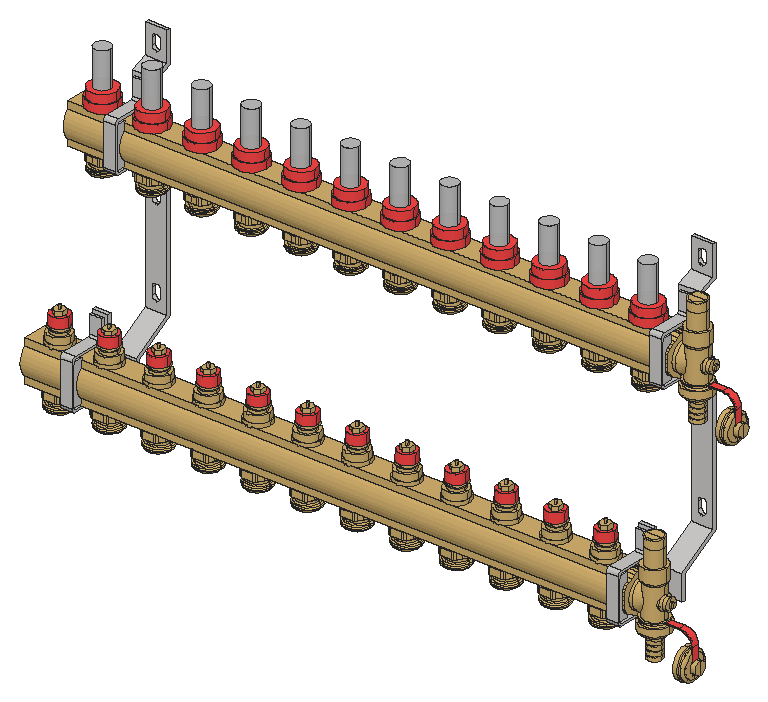
Revit family "Manifold FHF-F_2-12_RFA", category Pipe Accessories, Revit 2019 (continued)
Definition of nested family "_FHF-EA_EM"
  Automatic sketch dimensions
    Extrusion 2 sketch curve to plane 1 "Center (Front/Back)" = 2.669 mm  (x2)
    plane 5 to Extrusion 2 sketch curve = 3.75 mm  (x2)
    Extrusion 2 sketch curve to plane 5 = 2.831 mm  (x2)
    Extrusion 2 sketch curve to plane 5 = 5.5 mm
    Extrusion 2 sketch curve to Extrusion 2 sketch curve = 3.786 mm  (x2)
    Extrusion 2 sketch curve to Extrusion 2 sketch curve = 3.813 mm  (x2)
    Extrusion 2 sketch curve to Extrusion 2 sketch curve = 1.22 mm  (x2)
    Extrusion 2 sketch curve to Extrusion 2 sketch curve = 1.181 mm  (x2)
    Extrusion 2 sketch curve to Extrusion 2 sketch curve = 1.136 mm  (x2)
    Extrusion 2 sketch curve to Extrusion 2 sketch curve = 1.086 mm  (x2)
    Extrusion 2 sketch curve to Extrusion 2 sketch curve = 3.8 mm  (x4)
    Extrusion 2 sketch curve to Extrusion 2 sketch curve = 1.893 mm  (x7)
    Extrusion 2 sketch curve to Extrusion 2 sketch curve = 5.693 mm
    Extrusion 2 sketch curve to Extrusion 2 sketch curve = 1.907 mm  (x3)
    Extrusion 2 sketch curve to Extrusion 2 sketch curve = 0.179 mm  (x2)
    level to Extrusion 2 sketch curve = 3.786 mm  (x2)
    Extrusion 2 sketch curve to Extrusion 2 sketch curve = 3.814 mm  (x2)
    Extrusion 2 sketch curve to Extrusion 2 sketch curve = 2.401 mm  (x2)
    Extrusion 2 sketch curve to Extrusion 2 sketch curve = 2.222 mm  (x2)
    Extrusion 2 sketch curve to Extrusion 2 sketch curve = 0 mm  (x15)
    Extrusion 2 sketch curve to Extrusion 2 sketch curve = 3.279 mm  (x2)
    Extrusion 2 sketch curve to plane 4 = 0.471 mm  (x2)
    plane 5 to Extrusion 2 sketch curve = 0.471 mm  (x2)
    plane 3 "Center (Left/Right)" to Revolve 3 sketch curve = 15.987 mm
    Revolve 3 sketch curve to Revolve 3 sketch curve = 0.47 mm
    Revolve 3 sketch curve to Revolve 3 sketch curve = 1.502 mm
    Revolve 3 sketch curve to Revolve 3 sketch curve = 3.069 mm
    plane 3 "Center (Left/Right)" to Revolve 3 sketch curve = 19.056 mm
    plane 3 "Center (Left/Right)" to Revolve 3 sketch curve = 19.515 mm
    Revolve 3 sketch curve to Revolve 3 sketch curve = 1.472 mm
    Revolve 3 sketch curve to Revolve 3 sketch curve = 3.228 mm
    Revolve 3 sketch curve to Revolve 3 sketch curve = 2.642 mm
    Revolve 3 sketch curve to Revolve 3 sketch curve = 3.019 mm  (x2)
    Revolve 3 sketch curve to Revolve 3 sketch curve = 1.475 mm  (x2)
    Revolve 3 sketch curve to Revolve 3 sketch curve = 1.531 mm
    Revolve 3 sketch curve to Revolve 3 sketch curve = 4.308 mm
    Revolve 3 sketch curve to Revolve 3 sketch curve = 0.252 mm
    Revolve 3 sketch curve to Revolve 3 sketch curve = 0.082 mm
    Revolve 3 sketch curve to Revolve 3 sketch curve = 0.178 mm
    Revolve 3 sketch curve to Revolve 3 sketch curve = 0.105 mm
    Revolve 3 sketch curve to Revolve 3 sketch curve = 0.199 mm
    Revolve 3 sketch curve to Revolve 3 sketch curve = 0.21 mm
    Revolve 3 sketch curve to Revolve 3 sketch curve = 0.313 mm
    Revolve 3 sketch curve to Revolve 3 sketch curve = 1.061 mm
    Revolve 3 sketch curve to Revolve 3 sketch curve = 3.958 mm
    Revolve 3 sketch curve to Revolve 3 sketch curve = 1.08 mm
    Revolve 3 sketch curve to Revolve 3 sketch curve = 3.695 mm
    Revolve 3 sketch curve to Revolve 3 sketch curve = 4.803 mm
    Revolve 3 sketch curve to Revolve 3 sketch curve = 1.52 mm
    Revolve 3 sketch curve to Revolve 3 sketch curve = 1 mm
    level to Revolve 3 sketch curve = 15.773 mm
    Revolve 3 sketch curve to Revolve 3 sketch curve = 17.012 mm
    Revolve 3 sketch curve to Revolve 3 sketch curve = 0.512 mm
    Revolve 3 sketch curve to Revolve 3 sketch curve = 0.919 mm
    Revolve 3 sketch curve to Revolve 3 sketch curve = 5.08 mm
    Revolve 3 sketch curve to Revolve 3 sketch curve = 1.962 mm
    Revolve 3 sketch curve to Revolve 3 sketch curve = 6.25 mm
    Revolve 3 sketch curve to Revolve 3 sketch curve = 0 mm  (x2)
    Revolve 3 sketch curve to Revolve 3 sketch curve = 0.007 mm
    plane 6 to Revolve 4 sketch curve = 0 mm  (x2)
    Revolve 4 sketch curve to plane 6 = 6 mm
    Revolve 4 sketch curve to Revolve 4 sketch curve = 2.522 mm
    Revolve 4 sketch curve to Revolve 4 sketch curve = 2.471 mm
    Revolve 4 sketch curve to Revolve 4 sketch curve = 0.522 mm
    Revolve 4 sketch curve to Revolve 4 sketch curve = 0.143 mm
    Revolve 4 sketch curve to Revolve 4 sketch curve = 6.164 mm
    Revolve 4 sketch curve to Revolve 4 sketch curve = 5.813 mm
    Revolve 4 sketch curve to Revolve 4 sketch curve = 0.001 mm
    Revolve 4 sketch curve to Revolve 4 sketch curve = 10 mm
    Revolve 4 sketch curve to Revolve 4 sketch curve = 0 mm  (x2)
    Sweep 5 sketch curve to plane 6 = 18 mm
    Sweep 5 sketch curve to Sweep 5 sketch curve = 12.968 mm
    Sweep 5 sketch curve to Sweep 5 sketch curve = 17.328 mm
    profile plane to Sweep 5 sketch curve = 1.008 mm
    profile plane to Sweep 5 sketch curve = 0.008 mm
    Sweep 5 sketch curve to Sweep 5 sketch curve = 1.001 mm
    Sweep 5 sketch curve to plane 1 "Center (Front/Back)" = 3.534 mm
    plane 1 "Center (Front/Back)" to Sweep 5 sketch curve = 3.534 mm
    Sweep 5 sketch curve to Sweep 5 sketch curve = 1 mm
    plane 3 "Center (Left/Right)" to Revolve 6 sketch curve = 6.174 mm
    Revolve 6 sketch curve to Revolve 6 sketch curve = 9.151 mm
    Revolve 6 sketch curve to Revolve 6 sketch curve = 0.823 mm
    Revolve 6 sketch curve to Revolve 6 sketch curve = 0 mm  (x2)
    Revolve 6 sketch curve to Revolve 6 sketch curve = 3.908 mm
    Revolve 6 sketch curve to Revolve 6 sketch curve = 0.141 mm
    Revolve 7 sketch curve to level = 0 mm  (x2)
    plane 3 "Center (Left/Right)" to Revolve 7 sketch curve = 19.487 mm
    Revolve 7 sketch curve to Revolve 7 sketch curve = 4.111 mm
    Revolve 7 sketch curve to Revolve 7 sketch curve = 9.817 mm
    Revolve 7 sketch curve to Revolve 7 sketch curve = 11.642 mm
    Revolve 7 sketch curve to Revolve 7 sketch curve = 1.53 mm
    Revolve 7 sketch curve to Revolve 7 sketch curve = 4.1 mm
    Revolve 7 sketch curve to Revolve 7 sketch curve = 2.909 mm
    level to Revolve 7 sketch curve = 2.5 mm
    Revolve 7 sketch curve to Revolve 7 sketch curve = 3.5 mm
    level to Revolve 7 sketch curve = 7.53 mm
    Revolve 7 sketch curve to Revolve 7 sketch curve = 7.132 mm
    Revolve 7 sketch curve to Revolve 7 sketch curve = 0 mm  (x2)
    Revolve 8 sketch curve to level = 0 mm  (x2)
    Revolve 8 sketch curve to plane 3 "Center (Left/Right)" = 0 mm  (x2)
    plane 3 "Center (Left/Right)" to Revolve 8 sketch curve = 1.535 mm
    Revolve 8 sketch curve to Revolve 8 sketch curve = 5.705 mm
    Revolve 8 sketch curve to Revolve 8 sketch curve = 0.736 mm
    Revolve 8 sketch curve to Revolve 8 sketch curve = 2.794 mm
    Revolve 8 sketch curve to Revolve 8 sketch curve = 1.453 mm
    level to Revolve 8 sketch curve = 14.494 mm
    Revolve 8 sketch curve to Revolve 8 sketch curve = 0.523 mm
    Revolve 8 sketch curve to Revolve 8 sketch curve = 2.058 mm  (x2)
    Revolve 8 sketch curve to Revolve 8 sketch curve = 0 mm
    Extrusion 9 sketch curve to level = 0 mm  (x2)
    Extrusion 9 sketch curve to plane 1 "Center (Front/Back)" = 0 mm  (x2)
    plane 1 "Center (Front/Back)" to Extrusion 9 sketch curve = 2.669 mm  (x2)
    Extrusion 9 sketch curve to Extrusion 9 sketch curve = 3.302 mm  (x2)
    Extrusion 9 sketch curve to plane 4 = 3.75 mm  (x2)
    plane 4 to Extrusion 9 sketch curve = 2.831 mm  (x2)
    Extrusion 9 sketch curve to Extrusion 9 sketch curve = 0.782 mm  (x2)
    Extrusion 9 sketch curve to Extrusion 9 sketch curve = 0.707 mm  (x2)
    Extrusion 9 sketch curve to Extrusion 9 sketch curve = 1.489 mm  (x2)
    Extrusion 9 sketch curve to Extrusion 9 sketch curve = 0.63 mm  (x2)
    plane 4 to Extrusion 9 sketch curve = 5.5 mm
    Extrusion 9 sketch curve to plane 1 "Center (Front/Back)" = 2.669 mm  (x2)
    plane 5 to Extrusion 9 sketch curve = 3.75 mm  (x2)
    Extrusion 9 sketch curve to plane 5 = 2.831 mm  (x2)
    Extrusion 9 sketch curve to plane 5 = 5.5 mm
    Extrusion 9 sketch curve to Extrusion 9 sketch curve = 3.786 mm  (x2)
    Extrusion 9 sketch curve to Extrusion 9 sketch curve = 3.813 mm  (x2)
    Extrusion 9 sketch curve to Extrusion 9 sketch curve = 1.22 mm  (x2)
    Extrusion 9 sketch curve to Extrusion 9 sketch curve = 1.181 mm  (x2)
    Extrusion 9 sketch curve to Extrusion 9 sketch curve = 1.136 mm  (x2)
    Extrusion 9 sketch curve to Extrusion 9 sketch curve = 1.086 mm  (x2)
    Extrusion 9 sketch curve to Extrusion 9 sketch curve = 3.8 mm  (x4)
    Extrusion 9 sketch curve to Extrusion 9 sketch curve = 1.893 mm  (x7)
    Extrusion 9 sketch curve to Extrusion 9 sketch curve = 5.693 mm
    Extrusion 9 sketch curve to Extrusion 9 sketch curve = 1.907 mm  (x3)
    Extrusion 9 sketch curve to Extrusion 9 sketch curve = 0.179 mm  (x2)
    level to Extrusion 9 sketch curve = 3.786 mm  (x2)
    Extrusion 9 sketch curve to Extrusion 9 sketch curve = 3.814 mm  (x2)
    Extrusion 9 sketch curve to Extrusion 9 sketch curve = 2.401 mm  (x2)
    Extrusion 9 sketch curve to Extrusion 9 sketch curve = 2.222 mm  (x2)
    Extrusion 9 sketch curve to Extrusion 9 sketch curve = 0 mm  (x15)
    Extrusion 9 sketch curve to Extrusion 9 sketch curve = 3.279 mm  (x2)
    Extrusion 9 sketch curve to plane 4 = 0.471 mm  (x2)
    plane 5 to Extrusion 9 sketch curve = 0.471 mm  (x2)
    plane 6 to Revolve 10 sketch curve = 0 mm  (x2)
    Revolve 10 sketch curve to plane 6 = 6 mm
    Revolve 10 sketch curve to Revolve 10 sketch curve = 2.522 mm
    Revolve 10 sketch curve to Revolve 10 sketch curve = 2.471 mm
    Revolve 10 sketch curve to Revolve 10 sketch curve = 0.522 mm
    Revolve 10 sketch curve to Revolve 10 sketch curve = 0.143 mm
    Revolve 10 sketch curve to Revolve 10 sketch curve = 10 mm
    Revolve 10 sketch curve to Revolve 10 sketch curve = 6.164 mm
    Revolve 10 sketch curve to Revolve 10 sketch curve = 5.813 mm
    Revolve 10 sketch curve to Revolve 10 sketch curve = 0.001 mm
    Revolve 10 sketch curve to Revolve 10 sketch curve = 0 mm  (x2)
    Revolve 11 sketch curve to level = 0 mm  (x2)
    plane 3 "Center (Left/Right)" to Revolve 11 sketch curve = 19.487 mm
    Revolve 11 sketch curve to Revolve 11 sketch curve = 4.111 mm
    Revolve 11 sketch curve to Revolve 11 sketch curve = 9.817 mm
    Revolve 11 sketch curve to Revolve 11 sketch curve = 11.642 mm
    Revolve 11 sketch curve to Revolve 11 sketch curve = 1.53 mm
    Revolve 11 sketch curve to Revolve 11 sketch curve = 4.1 mm
    Revolve 11 sketch curve to Revolve 11 sketch curve = 2.909 mm
    level to Revolve 11 sketch curve = 2.5 mm
    Revolve 11 sketch curve to Revolve 11 sketch curve = 3.5 mm
    level to Revolve 11 sketch curve = 7.53 mm
    Revolve 11 sketch curve to Revolve 11 sketch curve = 7.132 mm
    Revolve 11 sketch curve to Revolve 11 sketch curve = 0 mm  (x2)
    Revolve 12 sketch curve to level = 0 mm  (x2)
    Revolve 12 sketch curve to plane 3 "Center (Left/Right)" = 0 mm  (x2)
    level to Revolve 12 sketch curve = 1.109 mm
    plane 3 "Center (Left/Right)" to Revolve 12 sketch curve = 19.166 mm
    Revolve 12 sketch curve to Revolve 12 sketch curve = 0.32 mm
    Revolve 12 sketch curve to Revolve 12 sketch curve = 14.874 mm
    Revolve 12 sketch curve to Revolve 12 sketch curve = 0 mm
    plane 3 "Center (Left/Right)" to Revolve 13 sketch curve = 18.583 mm
    plane 3 "Center (Left/Right)" to Revolve 13 sketch curve = 19.532 mm
    Revolve 13 sketch curve to Revolve 13 sketch curve = 3.814 mm
    Revolve 13 sketch curve to Revolve 13 sketch curve = 7.283 mm
    Revolve 13 sketch curve to Revolve 13 sketch curve = 7.643 mm
    Revolve 13 sketch curve to Revolve 13 sketch curve = 10 mm
    level to Revolve 13 sketch curve = 29.7 mm
    Revolve 13 sketch curve to Revolve 13 sketch curve = 1.522 mm
    Revolve 13 sketch curve to Revolve 13 sketch curve = 0 mm  (x3)
    plane 6 to Revolve 14 sketch curve = 0 mm  (x2)
    Revolve 14 sketch curve to plane 6 = 6.04 mm
    Revolve 14 sketch curve to Revolve 14 sketch curve = 9.96 mm
    Revolve 14 sketch curve to Revolve 14 sketch curve = 8.745 mm
    Revolve 14 sketch curve to Revolve 14 sketch curve = 0 mm  (x2)
    Sweep 16 sketch curve to plane 6 = 18 mm
    Sweep 16 sketch curve to plane 6 = 5.032 mm
    Sweep 16 sketch curve to Sweep 16 sketch curve = 17.328 mm
    profile plane to Sweep 16 sketch curve = 1.008 mm  (x2)
    profile plane to Sweep 16 sketch curve = 0.008 mm
    profile plane to Sweep 16 sketch curve = 0.007 mm
    Sweep 16 sketch curve to plane 1 "Center (Front/Back)" = 3.534 mm
    plane 1 "Center (Front/Back)" to Sweep 16 sketch curve = 3.534 mm
    Revolve 17 sketch curve to level = 0 mm  (x2)
    Revolve 17 sketch curve to plane 3 "Center (Left/Right)" = 0 mm  (x2)
    level to Revolve 17 sketch curve = 1.109 mm
    plane 3 "Center (Left/Right)" to Revolve 17 sketch curve = 19.166 mm
    Revolve 17 sketch curve to Revolve 17 sketch curve = 0.32 mm
    Revolve 17 sketch curve to Revolve 17 sketch curve = 14.874 mm
    Revolve 17 sketch curve to Revolve 17 sketch curve = 0 mm
    plane 3 "Center (Left/Right)" to Revolve 18 sketch curve = 18.583 mm
    plane 3 "Center (Left/Right)" to Revolve 18 sketch curve = 19.532 mm
    Revolve 18 sketch curve to Revolve 18 sketch curve = 3.814 mm
    Revolve 18 sketch curve to Revolve 18 sketch curve = 7.283 mm
    Revolve 18 sketch curve to Revolve 18 sketch curve = 7.643 mm
    Revolve 18 sketch curve to Revolve 18 sketch curve = 10 mm
    level to Revolve 18 sketch curve = 29.7 mm
    Revolve 18 sketch curve to Revolve 18 sketch curve = 1.522 mm
    Revolve 18 sketch curve to Revolve 18 sketch curve = 0 mm  (x3)
    plane 6 to Revolve 19 sketch curve = 0 mm  (x2)
    Revolve 19 sketch curve to plane 6 = 6.04 mm
    Revolve 19 sketch curve to Revolve 19 sketch curve = 9.96 mm
    Revolve 19 sketch curve to Revolve 19 sketch curve = 6.255 mm
    Revolve 19 sketch curve to Revolve 19 sketch curve = 8.745 mm
    Revolve 19 sketch curve to Revolve 19 sketch curve = 0 mm  (x2)
    plane 3 "Center (Left/Right)" to Revolve 20 sketch curve = 19.532 mm
    Revolve 20 sketch curve to Revolve 20 sketch curve = 2.865 mm
    Revolve 20 sketch curve to Revolve 20 sketch curve = 7.283 mm
    Revolve 20 sketch curve to Revolve 20 sketch curve = 7.643 mm
    Revolve 20 sketch curve to Revolve 20 sketch curve = 10 mm
    Revolve 20 sketch curve to Revolve 20 sketch curve = 0 mm  (x3)
    Revolve 3 sketch curve to Revolve 3 sketch curve = 1.5 mm  (x2)
    level to Revolve 6 sketch curve = 69.25 mm
    Revolve 6 sketch curve to Revolve 6 sketch curve = 4.604 mm
    Revolve 6 sketch curve to Revolve 6 sketch curve = 1.346 mm
    Revolve 6 sketch curve to Revolve 6 sketch curve = 0.561 mm
    Revolve 13 sketch curve to Revolve 13 sketch curve = 44.478 mm
    Revolve 18 sketch curve to Revolve 18 sketch curve = 44.478 mm
    level to Revolve 20 sketch curve = 57.24 mm
    Revolve 3 sketch curve to level = 16.3 mm
    Revolve 3 sketch curve to Revolve 3 sketch curve = 1.025 mm
    Revolve 3 sketch curve to Revolve 3 sketch curve = 3.967 mm
    Revolve 3 sketch curve to Revolve 3 sketch curve = 0.908 mm
    Revolve 3 sketch curve to Revolve 3 sketch curve = 3.615 mm
    Revolve 3 sketch curve to Revolve 3 sketch curve = 0.45 mm
    Revolve 4 sketch curve to level = 47.3 mm
    Sweep 5 sketch curve to level = 29.268 mm
    Sweep 5 sketch curve to Sweep 5 sketch curve = 25 mm
    Revolve 10 sketch curve to level = 47.3 mm
    Revolve 13 sketch curve to level = 20.3 mm
    Revolve 13 sketch curve to Revolve 13 sketch curve = 23.5 mm
    Revolve 14 sketch curve to level = 47.3 mm
    Revolve 14 sketch curve to Revolve 14 sketch curve = 6.255 mm
    Sweep 16 sketch curve to level = 29.268 mm
    Sweep 16 sketch curve to Sweep 16 sketch curve = 25 mm
    Revolve 18 sketch curve to level = 20.3 mm
    Revolve 18 sketch curve to Revolve 18 sketch curve = 23.5 mm
    Revolve 19 sketch curve to level = 47.3 mm
    Revolve 20 sketch curve to level = 20.3 mm
    Revolve 20 sketch curve to Revolve 20 sketch curve = 23.5 mm
    Revolve 3 sketch curve to plane 8 = 0 mm
    Revolve 3 sketch curve to Revolve 3 sketch curve = 2.187 mm
    Revolve 3 sketch curve to Revolve 3 sketch curve = 13.266 mm
    Revolve 3 sketch curve to plane 7 = 0 mm
    Revolve 15 sketch curve to plane 7 = 0 mm  (x2)
    plane 3 "Center (Left/Right)" to Revolve 15 sketch curve = 19.515 mm
    Revolve 15 sketch curve to Revolve 15 sketch curve = 1.472 mm
    plane 3 "Center (Left/Right)" to Revolve 15 sketch curve = 22.284 mm
    Revolve 15 sketch curve to Revolve 15 sketch curve = 2.642 mm
    Revolve 15 sketch curve to Revolve 15 sketch curve = 3.019 mm  (x2)
    Revolve 15 sketch curve to Revolve 15 sketch curve = 2.645 mm
    Revolve 15 sketch curve to Revolve 15 sketch curve = 1.531 mm
    Revolve 15 sketch curve to Revolve 15 sketch curve = 3.229 mm
    Revolve 15 sketch curve to Revolve 15 sketch curve = 0.8 mm
    Revolve 15 sketch curve to Revolve 15 sketch curve = 4.308 mm
    Revolve 15 sketch curve to Revolve 15 sketch curve = 0.252 mm
    plane 7 to Revolve 15 sketch curve = 0.45 mm
    Revolve 15 sketch curve to Revolve 15 sketch curve = 0.082 mm
    Revolve 15 sketch curve to Revolve 15 sketch curve = 0.178 mm
    plane 7 to Revolve 15 sketch curve = 8.94 mm
    Revolve 15 sketch curve to Revolve 15 sketch curve = 0.105 mm
    plane 7 to Revolve 15 sketch curve = 9.965 mm
    Revolve 15 sketch curve to Revolve 15 sketch curve = 0.199 mm
    Revolve 15 sketch curve to Revolve 15 sketch curve = 0.21 mm
    plane 7 to Revolve 15 sketch curve = 4.973 mm
    Revolve 15 sketch curve to Revolve 15 sketch curve = 0.313 mm
    Revolve 15 sketch curve to Revolve 15 sketch curve = 1.061 mm
    Revolve 15 sketch curve to Revolve 15 sketch curve = 6.25 mm
    Revolve 15 sketch curve to Revolve 15 sketch curve = 0.908 mm
    Revolve 15 sketch curve to Revolve 15 sketch curve = 3.958 mm
    Revolve 15 sketch curve to Revolve 15 sketch curve = 1.08 mm
    Revolve 15 sketch curve to Revolve 15 sketch curve = 3.695 mm
    Revolve 15 sketch curve to Revolve 15 sketch curve = 4.803 mm
    Revolve 15 sketch curve to Revolve 15 sketch curve = 1.475 mm
    Revolve 15 sketch curve to Revolve 15 sketch curve = 1.52 mm
    Revolve 15 sketch curve to Revolve 15 sketch curve = 1 mm
    level to Revolve 15 sketch curve = 15.773 mm
    Revolve 15 sketch curve to plane 8 = 19.26 mm
    Revolve 15 sketch curve to Revolve 15 sketch curve = 0 mm  (x2)
    Revolve 15 sketch curve to Revolve 15 sketch curve = 8.24 mm
    Revolve 15 sketch curve to Revolve 15 sketch curve = 2.187 mm
    Revolve 15 sketch curve to Revolve 15 sketch curve = 13.266 mm
    Revolve 15 sketch curve to Revolve 15 sketch curve = 6.986 mm
Definition of nested family "_FHF-MB_RFA"
  Parameters (values of type "FHF-MB_088U0585")
    W = 85.5 mm
    Valve Body Material = none
    Model Type = "FHF-MB_Mounting brackets set"
    Model = "088U0585"
    Manufacturer = "Danfoss"  # constant formula
    LOD 350 [instance] = not(LOD 200)  # yes
    LOD 200 [instance] = no
    L [instance] = 550 mm
    IfcExportType = "FHF-MB"  # constant formula
    IfcExportAs = "IfcValveType"  # constant formula
    H = 342 mm
    Description = "Accessories for Manifolds"
  Reference planes
    plane 1 "Center (Front/Back)": y = 0
    plane 2: z = 0
    plane 3 "s": x = 0
    plane 4: x = 578.737
    plane 5: x = 14.697
    plane 6: x = 2.697
    plane 7: x = 673.959
    plane 8: x = 552.697
    plane 9: x = 547.947
    plane 10: x = 569.447
    plane 11: x = -22.303
    plane 12: x = -10.303
    plane 13: x = 539.697
    plane 14: x = 527.697
    plane 15: y = 1.109
    plane 16: y = -2.391
    plane 17: z = -257.811
    plane 18: z = 84.189
    plane 19: y = 40.109
    plane 20: y = -45.391
    plane 21 "Center (Left/Right)": x = 8.697
    plane 22 "right": x = 558.697
    plane 23: x = 564.697
  Forms (mm)
    Extrusion 1, solid, material <- "Valve Body Material"
      sketch origin (0, 0, 0) x (0, 1, 0) y (0, 0, 1)
        loop
          line (16.609, 28.189) -> (16.609, 46.189) -> (14.609, 46.189) -> (14.609, 28.189)
          arc (14.609, 28.189) -> (14.023, 26.775) -> (12.609, 26.189) r 2
          line (12.609, 26.189) -> (-18.391, 26.189)
          arc (-18.391, 26.189) -> (-21.219, 25.017) -> (-22.391, 22.189) r 4
          line (-22.391, 22.189) -> (-22.391, -19.811)
          arc (-22.391, -19.811) -> (-21.219, -22.639) -> (-18.391, -23.811) r 4
          line (-18.391, -23.811) -> (12.609, -23.811)
          arc (12.609, -23.811) -> (14.023, -24.397) -> (14.609, -25.811) r 2
          line (14.609, -25.811) -> (14.609, -43.811) -> (16.609, -43.811) -> (16.609, -25.811)
          arc (16.609, -25.811) -> (15.438, -22.983) -> (12.609, -21.811) r 4
          line (12.609, -21.811) -> (-18.391, -21.811)
          arc (-18.391, -21.811) -> (-19.992, -21.042) -> (-20.391, -19.311) r 2.05
          line (-20.391, -19.311) -> (-20.391, 21.689)
          arc (-20.391, 21.689) -> (-19.992, 23.42) -> (-18.391, 24.189) r 2.05
          line (-18.391, 24.189) -> (12.609, 24.189)
          arc (12.609, 24.189) -> (15.438, 25.361) -> (16.609, 28.189) r 4
      from 2.697 to 14.697
    Extrusion 2, solid, material <- "Valve Body Material"
      sketch origin (0, 0, 0) x (0, 1, 0) y (0, 0, 1)
        loop
          line (36.609, 84.189) -> (36.609, 54.013) -> (20.609, 48.189) -> (20.609, -45.811) -> (36.609, -51.634) -> (36.609, -173.334) -> (-2.391, -195.851) -> (-2.391, -221.811) -> (1.109, -221.811) -> (1.109, -197.872) -> (40.109, -175.355) -> (40.109, -49.184) -> (24.109, -43.36) -> (24.109, 45.738) -> (40.109, 51.562) -> (40.109, 84.189) -> (36.609, 84.189)
      from -2.053 to 19.447
    Extrusion 3, solid, material <- "Valve Body Material"
      sketch origin (0, 0, 0) x (0, 1, 0) y (0, 0, 1)
        loop
          line (-6.391, -184.811) -> (-6.391, -166.811) -> (-8.391, -166.811) -> (-8.391, -184.811)
          arc (-8.391, -184.811) -> (-8.977, -186.225) -> (-10.391, -186.811) r 2
          line (-10.391, -186.811) -> (-41.391, -186.811)
          arc (-41.391, -186.811) -> (-44.219, -187.983) -> (-45.391, -190.811) r 4
          line (-45.391, -190.811) -> (-45.391, -232.811)
          arc (-45.391, -232.811) -> (-44.219, -235.639) -> (-41.391, -236.811) r 4
          line (-41.391, -236.811) -> (-10.391, -236.811)
          arc (-10.391, -236.811) -> (-8.977, -237.397) -> (-8.391, -238.811) r 2
          line (-8.391, -238.811) -> (-8.391, -256.811) -> (-6.391, -256.811) -> (-6.391, -238.811)
          arc (-6.391, -238.811) -> (-7.562, -235.983) -> (-10.391, -234.811) r 4
          line (-10.391, -234.811) -> (-41.391, -234.811)
          arc (-41.391, -234.811) -> (-42.992, -234.042) -> (-43.391, -232.311) r 2.05
          line (-43.391, -232.311) -> (-43.391, -191.311)
          arc (-43.391, -191.311) -> (-42.992, -189.58) -> (-41.391, -188.811) r 2.05
          line (-41.391, -188.811) -> (-10.391, -188.811)
          arc (-10.391, -188.811) -> (-7.562, -187.639) -> (-6.391, -184.811) r 4
      from -22.303 to -10.303
    Extrusion 4, solid, material <- "Valve Body Material"
      sketch origin (0, 0, 0) x (1, 0, 0) y (0, 0, 1)
        loop
          line (-2.053, -201.811) -> (-9.553, -201.811) -> (-9.553, -165.811) -> (-24.553, -165.811) -> (-24.553, -257.811) -> (-8.553, -257.811) -> (-8.553, -221.811) -> (-2.053, -221.811) -> (-2.053, -201.811)
      from -1.109 to 2.391
    Extrusion 5, solid, material <- "Valve Body Material", visible <- "LOD 350"
      sketch origin (0, 0, 0) x (0, 1, 0) y (0, 0, 1)
        loop
          line (-2.391, -191.311) -> (-11.391, -191.311) -> (-11.391, -198.283)
          arc (-11.391, -198.283) -> (-5.61, -211.811) -> (-11.391, -225.339) r 18.718
          line (-11.391, -225.339) -> (-11.391, -232.311) -> (-2.391, -232.311) -> (-2.391, -191.311)
        loop
          line (-34.391, -191.311) -> (-43.391, -191.311) -> (-43.391, -232.311) -> (-34.391, -232.311) -> (-34.391, -225.339)
          arc (-34.391, -225.339) -> (-40.327, -211.811) -> (-34.391, -198.283) r 18.382
          line (-34.391, -198.283) -> (-34.391, -191.311)
      from -22.303 to -10.303
    Extrusion 6, solid, material <- "Valve Body Material", visible <- "LOD 350"
      sketch origin (0, 0, 0) x (0, 1, 0) y (0, 0, 1)
        loop
          line (20.609, 21.689) -> (11.609, 21.689) -> (11.609, 14.717)
          arc (11.609, 14.717) -> (17.39, 1.189) -> (11.609, -12.339) r 18.718
          line (11.609, -12.339) -> (11.609, -19.311) -> (20.609, -19.311) -> (20.609, 21.689)
        loop
          line (-11.391, 21.689) -> (-20.391, 21.689) -> (-20.391, -19.311) -> (-11.391, -19.311) -> (-11.391, -12.339)
          arc (-11.391, -12.339) -> (-17.327, 1.189) -> (-11.391, 14.717) r 18.382
          line (-11.391, 14.717) -> (-11.391, 21.689)
      from 2.697 to 14.697
    Extrusion 7, solid, material <- "Valve Body Material"
      sketch origin (0, 0, 0) x (0, 1, 0) y (0, 0, 1)
        loop
          line (16.609, 28.189) -> (16.609, 46.189) -> (14.609, 46.189) -> (14.609, 28.189)
          arc (14.609, 28.189) -> (14.023, 26.775) -> (12.609, 26.189) r 2
          line (12.609, 26.189) -> (-18.391, 26.189)
          arc (-18.391, 26.189) -> (-21.219, 25.017) -> (-22.391, 22.189) r 4
          line (-22.391, 22.189) -> (-22.391, -19.811)
          arc (-22.391, -19.811) -> (-21.219, -22.639) -> (-18.391, -23.811) r 4
          line (-18.391, -23.811) -> (12.609, -23.811)
          arc (12.609, -23.811) -> (14.023, -24.397) -> (14.609, -25.811) r 2
          line (14.609, -25.811) -> (14.609, -43.811) -> (16.609, -43.811) -> (16.609, -25.811)
          arc (16.609, -25.811) -> (15.438, -22.983) -> (12.609, -21.811) r 4
          line (12.609, -21.811) -> (-18.391, -21.811)
          arc (-18.391, -21.811) -> (-19.992, -21.042) -> (-20.391, -19.311) r 2.05
          line (-20.391, -19.311) -> (-20.391, 21.689)
          arc (-20.391, 21.689) -> (-19.992, 23.42) -> (-18.391, 24.189) r 2.05
          line (-18.391, 24.189) -> (12.609, 24.189)
          arc (12.609, 24.189) -> (15.438, 25.361) -> (16.609, 28.189) r 4
      from 552.697 to 564.697
    Extrusion 8, solid, material <- "Valve Body Material"
      sketch origin (0, 0, 0) x (0, 1, 0) y (0, 0, 1)
        loop
          line (36.609, 84.189) -> (36.609, 54.013) -> (20.609, 48.189) -> (20.609, -45.811) -> (36.609, -51.634) -> (36.609, -173.334) -> (-2.391, -195.851) -> (-2.391, -221.811) -> (1.109, -221.811) -> (1.109, -197.872) -> (40.109, -175.355) -> (40.109, -49.184) -> (24.109, -43.36) -> (24.109, 45.738) -> (40.109, 51.562) -> (40.109, 84.189) -> (36.609, 84.189)
      from 547.947 to 569.447
    Extrusion 9, solid, material <- "Valve Body Material", visible <- "LOD 350"
      sketch origin (0, 0, 0) x (0, 1, 0) y (0, 0, 1)
        loop
          line (20.609, 21.689) -> (11.609, 21.689) -> (11.609, 14.717)
          arc (11.609, 14.717) -> (17.39, 1.189) -> (11.609, -12.339) r 18.718
          line (11.609, -12.339) -> (11.609, -19.311) -> (20.609, -19.311) -> (20.609, 21.689)
        loop
          line (-11.391, 21.689) -> (-20.391, 21.689) -> (-20.391, -19.311) -> (-11.391, -19.311) -> (-11.391, -12.339)
          arc (-11.391, -12.339) -> (-17.327, 1.189) -> (-11.391, 14.717) r 18.382
          line (-11.391, 14.717) -> (-11.391, 21.689)
      from 564.697 to 552.697
    Extrusion 10, solid, material <- "Valve Body Material", visible <- "LOD 350"
      sketch origin (0, 0, 0) x (0, 1, 0) y (0, 0, 1)
        loop
          line (-2.391, -191.311) -> (-11.391, -191.311) -> (-11.391, -198.283)
          arc (-11.391, -198.283) -> (-5.61, -211.811) -> (-11.391, -225.339) r 18.718
          line (-11.391, -225.339) -> (-11.391, -232.311) -> (-2.391, -232.311) -> (-2.391, -191.311)
        loop
          line (-34.391, -191.311) -> (-43.391, -191.311) -> (-43.391, -232.311) -> (-34.391, -232.311) -> (-34.391, -225.339)
          arc (-34.391, -225.339) -> (-40.327, -211.811) -> (-34.391, -198.283) r 18.382
          line (-34.391, -198.283) -> (-34.391, -191.311)
      from 527.697 to 539.697
    Extrusion 11, solid, material <- "Valve Body Material"
      sketch origin (0, 0, 0) x (0, 1, 0) y (0, 0, 1)
        loop
          line (-6.391, -184.811) -> (-6.391, -166.811) -> (-8.391, -166.811) -> (-8.391, -184.811)
          arc (-8.391, -184.811) -> (-8.977, -186.225) -> (-10.391, -186.811) r 2
          line (-10.391, -186.811) -> (-41.391, -186.811)
          arc (-41.391, -186.811) -> (-44.219, -187.983) -> (-45.391, -190.811) r 4
          line (-45.391, -190.811) -> (-45.391, -232.811)
          arc (-45.391, -232.811) -> (-44.219, -235.639) -> (-41.391, -236.811) r 4
          line (-41.391, -236.811) -> (-10.391, -236.811)
          arc (-10.391, -236.811) -> (-8.977, -237.397) -> (-8.391, -238.811) r 2
          line (-8.391, -238.811) -> (-8.391, -256.811) -> (-6.391, -256.811) -> (-6.391, -238.811)
          arc (-6.391, -238.811) -> (-7.562, -235.983) -> (-10.391, -234.811) r 4
          line (-10.391, -234.811) -> (-41.391, -234.811)
          arc (-41.391, -234.811) -> (-42.992, -234.042) -> (-43.391, -232.311) r 2.05
          line (-43.391, -232.311) -> (-43.391, -191.311)
          arc (-43.391, -191.311) -> (-42.992, -189.58) -> (-41.391, -188.811) r 2.05
          line (-41.391, -188.811) -> (-10.391, -188.811)
          arc (-10.391, -188.811) -> (-7.562, -187.639) -> (-6.391, -184.811) r 4
      from 527.697 to 539.697
    Sweep 12, solid, material <- "Valve Body Material"
      path origin (0, 0, -213) x (0, -1, 0) y (1, 0, 0)
        loop
          line (-1.109, 578.737) -> (2.391, 578.737)
      profile origin (578.737, -0.641, -213) x (1, 0, 0) y (0, 0, 1)
        loop
          line (-38.291, 11.189) -> (-38.291, 47.189) -> (-53.291, 47.189) -> (-53.291, -44.811) -> (-37.291, -44.811) -> (-37.291, -8.811) -> (-30.791, -8.811) -> (-30.791, 11.189) -> (-38.291, 11.189)
    Extrusion 13, void
      sketch origin (0, 0, 0) x (1, 0, 0) y (0, 0, 1)
        loop
          line (4.447, 72.939) -> (4.447, 65.439)
          arc (4.447, 65.439) -> (8.697, 61.189) -> (12.947, 65.439) r 4.25
          line (12.947, 65.439) -> (12.947, 72.939)
          arc (12.947, 72.939) -> (8.697, 77.189) -> (4.447, 72.939) r 4.25
        loop
          line (4.447, -64.884) -> (4.447, -72.384)
          arc (4.447, -72.384) -> (8.697, -76.634) -> (12.947, -72.384) r 4.25
          line (12.947, -72.384) -> (12.947, -64.884)
          arc (12.947, -64.884) -> (8.697, -60.634) -> (4.447, -64.884) r 4.25
        loop
          line (4.447, -152.584) -> (4.447, -160.084)
          arc (4.447, -160.084) -> (8.697, -164.334) -> (12.947, -160.084) r 4.25
          line (12.947, -160.084) -> (12.947, -152.584)
          arc (12.947, -152.584) -> (8.697, -148.334) -> (4.447, -152.584) r 4.25
      from -68.107 to 34.391
    Sweep 14, void
      path origin (0, 0, -213) x (0, -1, 0) y (1, 0, 0)
        loop
          line (-46.109, 578.737) -> (63.891, 578.737)
      profile origin (578.737, -8.891, -213) x (1, 0, 0) y (0, 0, 1)
        loop
          line (-15.791, 278.439) -> (-15.791, 285.939)
          arc (-15.791, 285.939) -> (-20.041, 290.189) -> (-24.291, 285.939) r 4.25
          line (-24.291, 285.939) -> (-24.291, 278.439)
          arc (-24.291, 278.439) -> (-20.041, 274.189) -> (-15.791, 278.439) r 4.25
        loop
          line (-15.791, 140.616) -> (-15.791, 148.116)
          arc (-15.791, 148.116) -> (-20.041, 152.366) -> (-24.291, 148.116) r 4.25
          line (-24.291, 148.116) -> (-24.291, 140.616)
          arc (-24.291, 140.616) -> (-20.041, 136.366) -> (-15.791, 140.616) r 4.25
        loop
          line (-15.791, 52.916) -> (-15.791, 60.416)
          arc (-15.791, 60.416) -> (-20.041, 64.666) -> (-24.291, 60.416) r 4.25
          line (-24.291, 60.416) -> (-24.291, 52.916)
          arc (-24.291, 52.916) -> (-20.041, 48.666) -> (-15.791, 52.916) r 4.25
  Cuts and joins
    Extrusion 13 cuts Extrusion 2
    joined: Extrusion 2, Extrusion 4
    Sweep 14 cuts Extrusion 8
    Sweep 14 cuts Sweep 12
    joined: Extrusion 8, Sweep 12
  Dimensions and locks
    plane 4 to plane 10 to plane 22 "right" to plane 8 to plane 9 = 9.291 mm locked, 10.75 mm locked, 6 mm locked, 4.75 mm locked
    plane 4 to plane 13 to plane 14 = 39.041 mm locked, 12 mm locked
    plane 16 to plane 1 "Center (Front/Back)" to plane 15 = 2.391 mm locked, 1.109 mm locked
    "H": plane 18 to plane 17
    "W": plane 20 to plane 19
    "L": plane 21 "Center (Left/Right)" to plane 22 "right"
    locked: plane 8 to plane 23 at 12
    aligned and locked: level to plane 2
    aligned and locked: Extrusion 1 to plane 5
    aligned and locked: plane 6 to Extrusion 1
    aligned and locked: Extrusion 6 to plane 5
    aligned and locked: plane 6 to Extrusion 6
    aligned and locked: plane 8 to Extrusion 7
    aligned and locked: Extrusion 8 to plane 10
    aligned and locked: plane 9 to Extrusion 8
    aligned and locked: Extrusion 10 to plane 14
    aligned and locked: plane 13 to Extrusion 10
    aligned and locked: Extrusion 11 to plane 14
    aligned and locked: plane 13 to Extrusion 11
    aligned and locked: Extrusion 7 to plane 23
    aligned and locked: Extrusion 9 to plane 23
    aligned and locked: plane 8 to Extrusion 9
  Automatic sketch dimensions
    Extrusion 1 sketch curve to Extrusion 1 sketch curve = 0 mm  (x7)
    plane 1 "Center (Front/Back)" to Extrusion 1 sketch curve = 22.391 mm
    Extrusion 1 sketch curve to Extrusion 1 sketch curve = 2 mm  (x7)
    Extrusion 1 sketch curve to plane 1 "Center (Front/Back)" = 12.609 mm  (x2)
    Extrusion 1 sketch curve to Extrusion 1 sketch curve = 18 mm  (x2)
    Extrusion 1 sketch curve to Extrusion 1 sketch curve = 0.05 mm
    level to Extrusion 1 sketch curve = 21.689 mm
    Extrusion 1 sketch curve to Extrusion 1 sketch curve = 0.45 mm
    plane 1 "Center (Front/Back)" to Extrusion 2 sketch curve = 2.391 mm
    Extrusion 2 sketch curve to plane 1 "Center (Front/Back)" = 1.109 mm
    Extrusion 2 sketch curve to plane 1 "Center (Front/Back)" = 20.609 mm
    Extrusion 2 sketch curve to Extrusion 2 sketch curve = 3.5 mm  (x3)
    Extrusion 2 sketch curve to Extrusion 2 sketch curve = 12.5 mm
    Extrusion 2 sketch curve to plane 1 "Center (Front/Back)" = 36.609 mm
    Extrusion 2 sketch curve to Extrusion 2 sketch curve = 2.021 mm  (x2)
    Extrusion 2 sketch curve to Extrusion 2 sketch curve = 2.451 mm  (x4)
    level to Extrusion 2 sketch curve = 45.738 mm
    Extrusion 2 sketch curve to Extrusion 2 sketch curve = 5.824 mm  (x2)
    Extrusion 2 sketch curve to Extrusion 2 sketch curve = 30.176 mm
    Extrusion 3 sketch curve to Extrusion 3 sketch curve = 0 mm  (x7)
    plane 1 "Center (Front/Back)" to Extrusion 3 sketch curve = 45.391 mm
    Extrusion 3 sketch curve to Extrusion 3 sketch curve = 2 mm  (x7)
    plane 1 "Center (Front/Back)" to Extrusion 3 sketch curve = 10.391 mm  (x2)
    Extrusion 3 sketch curve to Extrusion 3 sketch curve = 18 mm  (x2)
    Extrusion 3 sketch curve to Extrusion 3 sketch curve = 0.05 mm
    Extrusion 3 sketch curve to level = 191.311 mm
    Extrusion 3 sketch curve to Extrusion 3 sketch curve = 0.45 mm
    plane 11 to Extrusion 4 sketch curve = 2.25 mm
    Extrusion 4 sketch curve to plane 12 = 0.75 mm
    Extrusion 4 sketch curve to plane 12 = 1.75 mm
    Extrusion 4 sketch curve to plane 3 "s" = 2.053 mm
    plane 1 "Center (Front/Back)" to Extrusion 5 sketch curve = 43.391 mm
    Extrusion 5 sketch curve to Extrusion 5 sketch curve = 9 mm  (x2)
    Extrusion 5 sketch curve to Extrusion 5 sketch curve = 10.063 mm
    Extrusion 5 sketch curve to Extrusion 5 sketch curve = 2.383 mm
    plane 1 "Center (Front/Back)" to Extrusion 5 sketch curve = 11.391 mm  (x2)
    plane 1 "Center (Front/Back)" to Extrusion 5 sketch curve = 2.391 mm
    Extrusion 5 sketch curve to Extrusion 5 sketch curve = 6.972 mm  (x4)
    plane 1 "Center (Front/Back)" to Extrusion 6 sketch curve = 20.391 mm
    Extrusion 6 sketch curve to Extrusion 6 sketch curve = 9 mm  (x2)
    Extrusion 6 sketch curve to Extrusion 6 sketch curve = 10.063 mm
    Extrusion 6 sketch curve to Extrusion 6 sketch curve = 2.383 mm
    Extrusion 6 sketch curve to plane 1 "Center (Front/Back)" = 11.609 mm  (x2)
    Extrusion 6 sketch curve to plane 1 "Center (Front/Back)" = 20.609 mm
    Extrusion 6 sketch curve to Extrusion 6 sketch curve = 6.972 mm  (x4)
    Extrusion 7 sketch curve to Extrusion 7 sketch curve = 0 mm  (x7)
    plane 1 "Center (Front/Back)" to Extrusion 7 sketch curve = 22.391 mm
    Extrusion 7 sketch curve to Extrusion 7 sketch curve = 2 mm  (x7)
    Extrusion 7 sketch curve to plane 1 "Center (Front/Back)" = 12.609 mm  (x2)
    Extrusion 7 sketch curve to Extrusion 7 sketch curve = 18 mm  (x2)
    Extrusion 7 sketch curve to Extrusion 7 sketch curve = 0.05 mm
    level to Extrusion 7 sketch curve = 21.689 mm
    Extrusion 7 sketch curve to Extrusion 7 sketch curve = 0.45 mm
    plane 1 "Center (Front/Back)" to Extrusion 8 sketch curve = 2.391 mm
    Extrusion 8 sketch curve to plane 1 "Center (Front/Back)" = 1.109 mm
    Extrusion 8 sketch curve to plane 1 "Center (Front/Back)" = 20.609 mm
    Extrusion 8 sketch curve to Extrusion 8 sketch curve = 3.5 mm  (x3)
    Extrusion 8 sketch curve to Extrusion 8 sketch curve = 12.5 mm
    Extrusion 8 sketch curve to plane 1 "Center (Front/Back)" = 36.609 mm
    Extrusion 8 sketch curve to Extrusion 8 sketch curve = 2.021 mm  (x2)
    Extrusion 8 sketch curve to Extrusion 8 sketch curve = 2.451 mm  (x4)
    level to Extrusion 8 sketch curve = 45.738 mm
    Extrusion 8 sketch curve to Extrusion 8 sketch curve = 5.824 mm  (x2)
    Extrusion 8 sketch curve to Extrusion 8 sketch curve = 30.176 mm
    plane 1 "Center (Front/Back)" to Extrusion 9 sketch curve = 20.391 mm
    Extrusion 9 sketch curve to Extrusion 9 sketch curve = 9 mm  (x3)
    plane 1 "Center (Front/Back)" to Extrusion 9 sketch curve = 1.328 mm
    Extrusion 9 sketch curve to plane 1 "Center (Front/Back)" = 1.055 mm
    Extrusion 9 sketch curve to plane 1 "Center (Front/Back)" = 11.609 mm  (x2)
    Extrusion 9 sketch curve to level = 19.311 mm  (x2)
    Extrusion 9 sketch curve to Extrusion 9 sketch curve = 6.972 mm  (x4)
    level to Extrusion 9 sketch curve = 1.189 mm  (x2)
    plane 1 "Center (Front/Back)" to Extrusion 10 sketch curve = 43.391 mm
    Extrusion 10 sketch curve to Extrusion 10 sketch curve = 9 mm  (x2)
    Extrusion 10 sketch curve to Extrusion 10 sketch curve = 10.063 mm
    Extrusion 10 sketch curve to Extrusion 10 sketch curve = 2.383 mm
    plane 1 "Center (Front/Back)" to Extrusion 10 sketch curve = 11.391 mm  (x2)
    plane 1 "Center (Front/Back)" to Extrusion 10 sketch curve = 2.391 mm
    Extrusion 10 sketch curve to Extrusion 10 sketch curve = 6.972 mm  (x4)
    Extrusion 11 sketch curve to Extrusion 11 sketch curve = 0 mm  (x8)
    plane 1 "Center (Front/Back)" to Extrusion 11 sketch curve = 45.391 mm
    Extrusion 11 sketch curve to Extrusion 11 sketch curve = 2 mm  (x7)
    plane 1 "Center (Front/Back)" to Extrusion 11 sketch curve = 10.391 mm  (x2)
    Extrusion 11 sketch curve to Extrusion 11 sketch curve = 18 mm  (x2)
    Extrusion 11 sketch curve to Extrusion 11 sketch curve = 0.05 mm
    Extrusion 11 sketch curve to Extrusion 11 sketch curve = 0.45 mm
    Sweep 12 sketch curve to plane 4 = 0 mm
    plane 15 to Sweep 12 sketch curve = 0 mm
    plane 16 to Sweep 12 sketch curve = 0 mm
    profile plane to Sweep 12 sketch curve = 53.291 mm
    Sweep 12 sketch curve to Sweep 12 sketch curve = 15 mm
    Sweep 12 sketch curve to Sweep 12 sketch curve = 16 mm
    Sweep 12 sketch curve to Sweep 12 sketch curve = 7.5 mm
    Sweep 12 sketch curve to Sweep 12 sketch curve = 36 mm
    Extrusion 13 sketch curve to plane 6 = 1.75 mm  (x3)
    Extrusion 13 sketch curve to Extrusion 13 sketch curve = 4.25 mm  (x3)
    Extrusion 13 sketch curve to Extrusion 13 sketch curve = 7.5 mm  (x3)
    level to Extrusion 13 sketch curve = 65.439 mm
    Sweep 14 sketch curve to plane 4 = 0 mm
    Sweep 14 sketch curve to plane 15 = 45 mm
    plane 16 to Sweep 14 sketch curve = 61.5 mm
    profile plane to Sweep 14 sketch curve = 24.291 mm  (x3)
    Sweep 14 sketch curve to Sweep 14 sketch curve = 4.25 mm  (x3)
    Sweep 14 sketch curve to Sweep 14 sketch curve = 7.5 mm  (x3)
    Sweep 14 sketch curve to Sweep 14 sketch curve = 80.2 mm
    Sweep 14 sketch curve to Sweep 14 sketch curve = 130.324 mm
    Extrusion 1 sketch curve to level = 19.311 mm
    Extrusion 2 sketch curve to level = 51.634 mm
    Extrusion 7 sketch curve to level = 19.311 mm
    Extrusion 8 sketch curve to level = 51.634 mm
    Extrusion 13 sketch curve to level = 72.384 mm
    Extrusion 2 sketch curve to plane 17 = 84.476 mm
    Extrusion 2 sketch curve to Extrusion 2 sketch curve = 22.517 mm
    Extrusion 2 sketch curve to Extrusion 2 sketch curve = 23.939 mm
    Extrusion 3 sketch curve to plane 17 = 25.5 mm
    Extrusion 4 sketch curve to plane 17 = 0 mm
    Extrusion 4 sketch curve to Extrusion 4 sketch curve = 36 mm  (x2)
    Extrusion 4 sketch curve to Extrusion 4 sketch curve = 20 mm
    Extrusion 5 sketch curve to plane 17 = 25.5 mm  (x2)
    Extrusion 5 sketch curve to Extrusion 5 sketch curve = 13.528 mm
    Extrusion 5 sketch curve to Extrusion 5 sketch curve = 0 mm
    Extrusion 6 sketch curve to level = 19.311 mm  (x2)
    level to Extrusion 6 sketch curve = 1.189 mm  (x2)
    Extrusion 8 sketch curve to plane 17 = 84.476 mm
    Extrusion 8 sketch curve to Extrusion 8 sketch curve = 22.517 mm
    Extrusion 8 sketch curve to Extrusion 8 sketch curve = 23.939 mm
    Extrusion 10 sketch curve to plane 17 = 25.5 mm  (x2)
    Extrusion 10 sketch curve to Extrusion 10 sketch curve = 13.528 mm
    Extrusion 10 sketch curve to Extrusion 10 sketch curve = 0 mm
    Extrusion 11 sketch curve to plane 17 = 1 mm
    Extrusion 11 sketch curve to Extrusion 11 sketch curve = 41 mm
    Sweep 12 sketch curve to profile plane = 44.811 mm
    Sweep 12 sketch curve to profile plane = 8.811 mm
    profile plane to Sweep 12 sketch curve = 11.189 mm
    Extrusion 13 sketch curve to Extrusion 13 sketch curve = 80.2 mm
    profile plane to Sweep 14 sketch curve = 52.916 mm
Definition of nested family "FHF-F Symbol"
  Parameters (values of type "FHF-F Symbol")
    z [instance] = Offset Z + 1000 mm  # 1213 mm
    y [instance] = Offset Y + 500 mm  # 523 mm
    x [instance] = Offset X + 1000 mm  # 1025 mm
    length [instance] = 600 mm
    Offset Y [instance] = 23 mm
    Offset X [instance] = 25 mm
    Number of Circuits [instance] = 11
    Offset Z [instance] = 213 mm
    L [instance] = length + 50 mm  # 650 mm
  Reference planes
    plane 1 "Center (Front/Back)": y = 0
    plane 2: z = 0
    plane 3 "Center (Left/Right)": x = 0
    plane 4: x = 650
    plane 5 "bottom manifold": y = -23
    plane 6: z = -213
    plane 7 "right bottom length": x = 625
    plane 8: x = 25
    plane 9: x = 0
    plane 10 "left bottom length": x = -25
    plane 11: x = 625
    plane 12: x = 600
    plane 13: y = 23
    plane 14: z = -263
    plane 15: x = 1000
    plane 16: z = 1000
    plane 17: y = 500
  Lines and regions (mm)
    model lines
      curve 1: line (0, 0, -20) -> (0, 0, 20)
      curve 2: line (0, 0, 20) -> (650, 0, 20)
      curve 3: line (650, 0, 20) -> (650, 0, -20)
      curve 4: line (650, 0, -20) -> (0, 0, -20)
      curve 5: line (0, -23, -233) -> (0, -23, -263)
      curve 6: line (25, 0, -20) -> (25, 0, -50)
      curve 7: line (-25, -23, -193) -> (625, -23, -193)
      curve 8: line (625, -23, -193) -> (625, -23, -233)
      curve 9: line (625, -23, -233) -> (-25, -23, -233)
      curve 10: line (-25, -23, -233) -> (-25, -23, -193)
      curve 11: line (75, 0, -20) -> (75, 0, -50)
      curve 16: line (600, -23, -193) -> (600, -23, -173)
      curve 17: line (600, -23, -233) -> (600, -23, -293)
      curve 18: line (610, -23, -293) -> (590, -23, -293)
      curve 19: line (590, -23, -293) -> (600, -23, -310.321)
      curve 20: line (610, -23, -293) -> (600, -23, -310.321)
      curve 21: line (590, -23, -173) -> (610, -23, -173)
      curve 22: line (610, -23, -173) -> (600, -23, -155.679)
      curve 23: line (590, -23, -173) -> (600, -23, -155.679)
      curve 24: line (50, -23, -233) -> (50, -23, -263)
      curve 27: line (625, 0, 20) -> (625, 0, 40)
      curve 28: line (615, 0, 40) -> (635, 0, 40)
      curve 29: line (635, 0, 40) -> (625, 0, 57.321)
      curve 30: line (615, 0, 40) -> (625, 0, 57.321)
      curve 31: line (625, 0, -20) -> (625, 0, -120)
      curve 32: line (635, 0, -120) -> (615, 0, -120)
      curve 33: line (615, 0, -120) -> (625, 0, -137.321)
      curve 34: line (635, 0, -120) -> (625, 0, -137.321)
      curve 35: line (125, 0, -20) -> (125, 0, -50)
      curve 36: line (175, 0, -20) -> (175, 0, -50)
      curve 37: line (225, 0, -20) -> (225, 0, -50)
      curve 38: line (275, 0, -20) -> (275, 0, -50)
      curve 39: line (325, 0, -20) -> (325, 0, -50)
      curve 40: line (375, 0, -20) -> (375, 0, -50)
      curve 41: line (100, -23, -233) -> (100, -23, -263)
      curve 42: line (150, -23, -233) -> (150, -23, -263)
      curve 43: line (200, -23, -233) -> (200, -23, -263)
      curve 44: line (250, -23, -233) -> (250, -23, -263)
      curve 45: line (300, -23, -233) -> (300, -23, -263)
      curve 46: line (350, -23, -233) -> (350, -23, -263)
      curve 47: line (0, -23, -193) -> (0, -23, -178)
      curve 48: line (-15, -23, -178) -> (15, -23, -178)
      curve 49: line (50, -23, -193) -> (50, -23, -178)
      curve 50: line (35, -23, -178) -> (65, -23, -178)
      curve 51: line (100, -23, -193) -> (100, -23, -178)
      curve 52: line (85, -23, -178) -> (115, -23, -178)
      curve 53: line (150, -23, -193) -> (150, -23, -178)
      curve 54: line (135, -23, -178) -> (165, -23, -178)
      curve 55: line (200, -23, -193) -> (200, -23, -178)
      curve 56: line (185, -23, -178) -> (215, -23, -178)
      curve 57: line (250, -23, -193) -> (250, -23, -178)
      curve 58: line (235, -23, -178) -> (265, -23, -178)
      curve 59: line (300, -23, -193) -> (300, -23, -178)
      curve 60: line (285, -23, -178) -> (315, -23, -178)
      curve 61: line (350, -23, -193) -> (350, -23, -178)
      curve 62: line (335, -23, -178) -> (365, -23, -178)
      curve 63: line (25, 0, 20) -> (25, 0, 40)
      curve 64: circle (25, 0, 55) r 15 normal (0, -1, 0)
      curve 65: line (17.629, 0, 63.793) -> (17.629, 0, 48.793)
      curve 66: line (17.629, 0, 63.793) -> (25, 0, 63.793)
      curve 67: line (17.629, 0, 56.293) -> (22.629, 0, 56.293)
      curve 68: line (31.483, 0, 63.793) -> (31.483, 0, 48.793)
      curve 69: line (75, 0, 20) -> (75, 0, 40)
      curve 70: circle (75, 0, 55) r 15 normal (0, -1, 0)
      curve 71: line (67.629, 0, 63.793) -> (67.629, 0, 48.793)
      curve 72: line (67.629, 0, 63.793) -> (75, 0, 63.793)
      curve 73: line (67.629, 0, 56.293) -> (72.629, 0, 56.293)
      curve 74: line (81.483, 0, 63.793) -> (81.483, 0, 48.793)
      curve 75: line (125, 0, 20) -> (125, 0, 40)
      curve 76: circle (125, 0, 55) r 15 normal (0, -1, 0)
      curve 77: line (117.629, 0, 63.793) -> (117.629, 0, 48.793)
      curve 78: line (117.629, 0, 63.793) -> (125, 0, 63.793)
      curve 79: line (117.629, 0, 56.293) -> (122.629, 0, 56.293)
      curve 80: line (131.483, 0, 63.793) -> (131.483, 0, 48.793)
      curve 81: line (175, 0, 20) -> (175, 0, 40)
      curve 82: circle (175, 0, 55) r 15 normal (0, -1, 0)
      curve 83: line (167.629, 0, 63.793) -> (167.629, 0, 48.793)
      curve 84: line (167.629, 0, 63.793) -> (175, 0, 63.793)
      curve 85: line (167.629, 0, 56.293) -> (172.629, 0, 56.293)
      curve 86: line (181.483, 0, 63.793) -> (181.483, 0, 48.793)
      curve 87: line (225, 0, 20) -> (225, 0, 40)
      curve 88: circle (225, 0, 55) r 15 normal (0, -1, 0)
      curve 89: line (217.629, 0, 63.793) -> (217.629, 0, 48.793)
      curve 90: line (217.629, 0, 63.793) -> (225, 0, 63.793)
      curve 91: line (217.629, 0, 56.293) -> (222.629, 0, 56.293)
      curve 92: line (231.483, 0, 63.793) -> (231.483, 0, 48.793)
      curve 93: line (275, 0, 20) -> (275, 0, 40)
      curve 94: circle (275, 0, 55) r 15 normal (0, -1, 0)
      curve 95: line (267.629, 0, 63.793) -> (267.629, 0, 48.793)
      curve 96: line (267.629, 0, 63.793) -> (275, 0, 63.793)
      curve 97: line (267.629, 0, 56.293) -> (272.629, 0, 56.293)
      curve 98: line (281.483, 0, 63.793) -> (281.483, 0, 48.793)
      curve 99: line (325, 0, 20) -> (325, 0, 40)
      curve 100: circle (325, 0, 55) r 15 normal (0, -1, 0)
      curve 101: line (317.629, 0, 63.793) -> (317.629, 0, 48.793)
      curve 102: line (317.629, 0, 63.793) -> (325, 0, 63.793)
      curve 103: line (317.629, 0, 56.293) -> (322.629, 0, 56.293)
      curve 104: line (331.483, 0, 63.793) -> (331.483, 0, 48.793)
      curve 105: line (375, 0, 20) -> (375, 0, 40)
      curve 106: circle (375, 0, 55) r 15 normal (0, -1, 0)
      curve 107: line (367.629, 0, 63.793) -> (367.629, 0, 48.793)
      curve 108: line (367.629, 0, 63.793) -> (375, 0, 63.793)
      curve 109: line (367.629, 0, 56.293) -> (372.629, 0, 56.293)
      curve 110: line (381.483, 0, 63.793) -> (381.483, 0, 48.793)
      curve 111: line (425, 0, -20) -> (425, 0, -50)
      curve 112: line (425, 0, 20) -> (425, 0, 40)
      curve 113: circle (425, 0, 55) r 15 normal (0, -1, 0)
      curve 114: line (417.629, 0, 63.793) -> (417.629, 0, 48.793)
      curve 115: line (417.629, 0, 63.793) -> (425, 0, 63.793)
      curve 116: line (417.629, 0, 56.293) -> (422.629, 0, 56.293)
      curve 117: line (431.483, 0, 63.793) -> (431.483, 0, 48.793)
      curve 118: line (475, 0, -20) -> (475, 0, -50)
      curve 119: line (475, 0, 20) -> (475, 0, 40)
      curve 120: circle (475, 0, 55) r 15 normal (0, -1, 0)
      curve 121: line (467.629, 0, 63.793) -> (467.629, 0, 48.793)
      curve 122: line (467.629, 0, 63.793) -> (475, 0, 63.793)
      curve 123: line (467.629, 0, 56.293) -> (472.629, 0, 56.293)
      curve 124: line (481.483, 0, 63.793) -> (481.483, 0, 48.793)
      curve 125: line (525, 0, -20) -> (525, 0, -50)
      curve 126: line (525, 0, 20) -> (525, 0, 40)
      curve 127: circle (525, 0, 55) r 15 normal (0, -1, 0)
      curve 128: line (517.629, 0, 63.793) -> (517.629, 0, 48.793)
      curve 129: line (517.629, 0, 63.793) -> (525, 0, 63.793)
      curve 130: line (517.629, 0, 56.293) -> (522.629, 0, 56.293)
      curve 131: line (531.483, 0, 63.793) -> (531.483, 0, 48.793)
      curve 132: line (400, -23, -233) -> (400, -23, -263)
      curve 133: line (400, -23, -193) -> (400, -23, -178)
      curve 134: line (385, -23, -178) -> (415, -23, -178)
      curve 135: line (450, -23, -233) -> (450, -23, -263)
      curve 136: line (450, -23, -193) -> (450, -23, -178)
      curve 137: line (435, -23, -178) -> (465, -23, -178)
      curve 138: line (500, -23, -233) -> (500, -23, -263)
      curve 139: line (500, -23, -193) -> (500, -23, -178)
      curve 140: line (485, -23, -178) -> (515, -23, -178)
    symbolic lines
      curve 12: line (0, -23, 0) -> (0, 23, 0)
      curve 13: line (0, 23, 0) -> (625, 23, 0)
      curve 14: line (625, 23, 0) -> (625, -23, 0)
      curve 15: line (625, -23, 0) -> (0, -23, 0)
      curve 25: line (0, 23, 0) -> (625, -23, 0)
      curve 26: line (625, 23, 0) -> (0, -23, 0)
  Dimensions and locks
    "L": plane 4 to plane 3 "Center (Left/Right)"
    plane 1 "Center (Front/Back)" to plane 5 "bottom manifold" = 23 mm
    locked: curve 2 to level at 20
    locked: level to curve 4 at 20
    locked: plane 8 to plane 3 "Center (Left/Right)" at 25
    locked: curve 7 to plane 6 at 20
    locked: plane 6 to curve 9 at 20
    locked: plane 6 to curve 5 at 20
    locked: plane 2 to curve 6 at 20
    equal spacing: group 1, group 2, group 5, group 6, group 7, group 8, group 9, group 10, group 17, group 18, group 19  (x3)
    locked: plane 9 to plane 10 "left bottom length" at 25
    "L": plane 7 "right bottom length" to plane 10 "left bottom length"
    locked: plane 4 to plane 11 at 25
    locked: plane 7 "right bottom length" to plane 12 at 25
    locked: plane 12 to curve 23 at 10
    locked: curve 22 to plane 12 at 10
    locked: plane 12 to curve 19 at 10
    locked: curve 20 to plane 12 at 10
    equal spacing: group 3, group 4, group 11, group 12, group 13, group 14, group 15, group 16, group 20, group 21, group 22  (x2)
    equal spacing: group 22, group 21, group 20, group 16, group 15, group 14, group 13, group 12, group 11, group 4, group 3
    locked: curve 5 to curve 24 at 50
    plane 1 "Center (Front/Back)" to plane 13 = 23 mm
    locked: plane 11 to curve 30 at 10
    locked: curve 29 to plane 11 at 10
    locked: plane 11 to curve 33 at 10
    locked: curve 34 to plane 11 at 10
    locked: plane 6 to plane 14 at 50
    locked: curve 47 to plane 6 at 20
    locked: curve 48 to plane 6 at 35
    "x": plane 15 to plane 10 "left bottom length"
    "z": plane 16 to plane 6
    "y": plane 5 "bottom manifold" to plane 17
    aligned and locked: level to plane 2
    aligned and locked: curve 8 to plane 7 "right bottom length"
    aligned and locked: plane 3 "Center (Left/Right)" to curve 12
    aligned and locked: plane 12 to curve 16
    aligned and locked: plane 12 to curve 20
    aligned and locked: curve 17 to plane 12
    aligned and locked: plane 12 to curve 23
    aligned and locked: plane 10 "left bottom length" to curve 10
    aligned and locked: plane 5 "bottom manifold" to curve 5
    aligned and locked: curve 15 to plane 5 "bottom manifold"
    aligned and locked: curve 13 to plane 13
    aligned and locked: curve 14 to plane 7 "right bottom length"
    aligned and locked: plane 11 to curve 27
    aligned and locked: curve 31 to plane 11
    aligned and locked: plane 5 "bottom manifold" to curve 24
    aligned and locked: plane 14 to curve 24
    aligned and locked: plane 9 to curve 47
  Automatic sketch dimensions
    curve 6 to curve 6 = 30 mm
    curve 11 to curve 11 = 30 mm
    curve 5 to curve 5 = 30 mm  (x2)
    curve 24 to curve 24 = 30 mm
    curve 20 to curve 17 = 60 mm
    curve 20 to curve 17 = 17.321 mm
    curve 16 to curve 21 = 20 mm
    curve 16 to curve 23 = 17.321 mm
    curve 35 to curve 35 = 30 mm
    curve 36 to curve 36 = 30 mm
    curve 37 to curve 37 = 30 mm
    curve 38 to curve 38 = 30 mm
    curve 39 to curve 39 = 30 mm
    curve 40 to curve 40 = 30 mm
    curve 41 to curve 41 = 30 mm
    curve 42 to curve 42 = 30 mm
    curve 43 to curve 43 = 30 mm
    curve 44 to curve 44 = 30 mm
    curve 45 to curve 45 = 30 mm
    curve 46 to curve 46 = 30 mm
    curve 1 to plane 3 "Center (Left/Right)" = 0 mm
    plane 11 to curve 34 = 0 mm
    curve 29 to plane 11 = 0 mm
    curve 2 to plane 4 = 0 mm
    curve 32 to curve 31 = 100 mm
    curve 27 to curve 28 = 20 mm
    curve 27 to curve 29 = 17.321 mm
    curve 34 to curve 31 = 17.321 mm
    curve 47 to curve 48 = 15 mm  (x2)
    curve 48 to curve 47 = 15 mm
    curve 49 to curve 50 = 15 mm  (x2)
    curve 50 to curve 49 = 15 mm
    curve 51 to curve 52 = 15 mm  (x2)
    curve 52 to curve 51 = 15 mm
    curve 53 to curve 54 = 15 mm  (x2)
    curve 54 to curve 53 = 15 mm
    curve 55 to curve 56 = 15 mm  (x2)
    curve 56 to curve 55 = 15 mm
    curve 57 to curve 58 = 15 mm  (x2)
    curve 58 to curve 57 = 15 mm
    curve 59 to curve 60 = 15 mm  (x2)
    curve 60 to curve 59 = 15 mm
    curve 61 to curve 62 = 15 mm  (x2)
    curve 62 to curve 61 = 15 mm
    curve 67 to curve 64 = 7.371 mm
    curve 64 to curve 66 = 8.793 mm
    curve 67 to curve 64 = 2.371 mm
    curve 65 to curve 66 = 7.371 mm
    curve 65 to curve 63 = 7.371 mm
    curve 64 to curve 68 = 6.483 mm
    curve 65 to curve 64 = 6.207 mm
    curve 68 to curve 64 = 6.207 mm
    curve 63 to curve 68 = 8.793 mm
    curve 63 to curve 63 = 20 mm
    curve 64 to curve 67 = 1.293 mm
    curve 68 to curve 66 = 0 mm
    curve 73 to curve 70 = 7.371 mm
    curve 70 to curve 72 = 8.793 mm
    curve 73 to curve 70 = 2.371 mm
    curve 71 to curve 72 = 7.371 mm
    curve 71 to curve 69 = 7.371 mm
    curve 70 to curve 74 = 6.483 mm
    curve 71 to curve 70 = 6.207 mm
    curve 74 to curve 70 = 6.207 mm
    curve 69 to curve 74 = 8.793 mm
    curve 69 to curve 69 = 20 mm
    curve 70 to curve 73 = 1.293 mm
    curve 74 to curve 72 = 0 mm
    curve 79 to curve 76 = 7.371 mm
    curve 76 to curve 78 = 8.793 mm
    curve 79 to curve 76 = 2.371 mm
